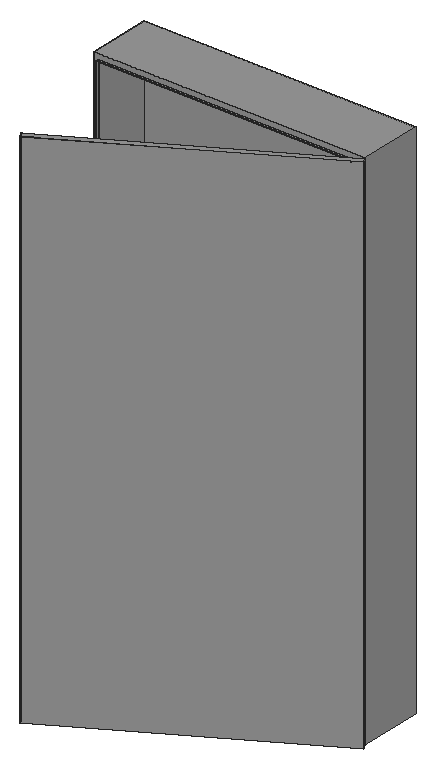
Revit family "Hager-Univers-IP44-D205-H1550-Cl.II-Encl-NoHosted-AT-de", category Equipement électrique, Revit 2020
Family settings
  Configuration du panneau = Deux colonnes, circuits au sein
  Cote de connecteur circulaire = Utiliser le diamètre
  Type d'élément = Tableau de raccordement
  Basée sur le plan de construction = Oui
  Toujours verticalement = Oui
  Couper avec des vides une fois chargée = Non
  Partagée = Non
  Point de calcul de pièce = Non
Parameters (values of type "Aufputz IP44 B800 H1550 T205  - FP03SN2")
  Width Control [instance] = if([EF000008 - Breite] > Min Width, [EF000008 - Breite], Min Width)  # 800 mm
  Commentaires du type = [HG000003 - Bereich]  # "Univers"
  Thickness Door [instance] = if([EF009171 - Materialstärke Tür/Deckel] > 3 mm, 3 mm, [EF009171 - Materialstärke Tür/Deckel])  # 1 mm
  Seal Frame Offset [instance] = 17 mm  # constant formula
  Plinth Visibility [instance] = [HG000027 - Sockelhöhe] > 0 mm  # no
  Min Width [instance] = 100 mm  # constant formula
  Min Depth [instance] = (2 * [EF009170 - Materialstärke Gehäuse]) + 1 mm  # 3 mm
  Min Height [instance] = 100 mm  # constant formula
  Internal Frame Depth [instance] = (Door System Depth * 0.5)  # 9 mm
  Panel Name [instance] = ""  # (empty or 0)
  Model = ""
  HG000027 - Sockelhöhe = 0 mm
  HG000026 - Stehend auf dem Boden = no
  HG000024 - Höhe des unteren Teils = 600 mm
  HG000023 - Gehäuse mit doppeltem Querschnitt = no
  HG000016 - 3D-Türsichtbarkeit [instance] = yes
  HG000015 - Sichtbarkeit der Türöffnung [instance] = no
  HG000014 - Tür rechts [instance] = yes
  HG000013 - Tür links [instance] = not([HG000014 - Tür rechts])  # no
  HG000012 - Türschwenkwinkel [instance] = 30.00°
  HG000010 - Asymmetrische Türen = no
  HG000009 - Doppelflügeligen Tür = no
  HG000006 - Unterputz = no
  HG000004 - Herstellerreferenz = "FP03SN2"
  HG000003 - Bereich = "Univers"
  HG000002 - Mit tür = yes
  Frame Offset Bottom [instance] = 10 mm  # constant formula
  Frame Offset [instance] = 15 mm  # constant formula
  EF015940 - Deckel mit Überdruckentlastung = no
  EF011959 - Schutzart (NEMA) = ""
  EF009554 - Anzahl der Öffnungen für Flanschplatten = 6
  EF009212 - Ausführung Deckel = "EV000116 - geschlossen"
  EF009171 - Materialstärke Tür/Deckel = 1 mm
  EF009170 - Materialstärke Gehäuse = 1 mm
  EF008873 - Nennstrom (In) = 250 A
  EF007800 - Geeignet für Blitzschutz = no
  EF006306 - Mit Schloss = no
  EF006244 - Transparenter Deckel/Tür = no
  EF005474 - Schutzart (IP) = "EV006418 - IP44"
  EF004464 - Art der Tür = "EV002646 - Einzel"
  EF004427 - Anzahl der Module = 360
  EF004293 - Schlagfestigkeit = "EV006815 - IK09"
  EF003532 - Geeignet für Außengebrauch = no
  EF002950 - Breite in Teilungseinheiten = 36
  EF001613 - Funktionserhalt = "EV000494 - ohne"
  EF001596 - Werkstoff des Gehäuses = "EV000179 - Stahl"
  EF001131 - Innentiefe = 143 mm
  EF001088 - Anbaumöglichkeit = yes
  EF000437 - Anzahl der Leitungseinführungen = 6
  EF000339 - Art der Abdeckung = "EV001012 - Deckel"
  EF000266 - Anzahl der Reihen = 10
  EF000218 - Einbautiefe = 205 mm
  EF000118 - Mit Montageplatte = no
  EF000116 - RAL-Nummer = "9010"
  EF000049 - Tiefe = 205 mm
  EF000040 - Höhe = 1550 mm
  EF000008 - Breite = 800 mm
  EF000007 - Farbe = "EV000202 - weiß"
  EF000003 - Montageart = "EV000384 - Aufputz"
  Door System Leaf Tolerance [instance] = 1.5 mm  # constant formula
  Door System Depth [instance] = 18 mm  # constant formula
  Door Height [instance] = Height Control - [HG000027 - Sockelhöhe]  # 1550 mm
  Description = ""
  Default Elevation = 1219.2 mm
  Connector Offset [instance] = Height Control / 2  # 775 mm
  Fabricant = "Hager"  # constant formula
  Height Control [instance] = if([EF000040 - Höhe] > Min Height, [EF000040 - Höhe], Min Height)  # 1550 mm
  Depth Control [instance] = if([EF000049 - Tiefe] > Min Depth, [EF000049 - Tiefe], Min Depth)  # 205 mm
  Bottom Top Plate Trim [instance] = 1.5 mm  # constant formula
  Plinth height Ctrl [instance] = if([HG000027 - Sockelhöhe] > 0 mm, [HG000027 - Sockelhöhe], 12 mm)  # 12 mm
Types (5, lengths in mm): name | Width Control | HG000009 - Doppelflügeligen Tür | HG000004 - Herstellerreferenz | EF009554 - Anzahl der Öffnungen für Flanschplatten | EF008873 - Nennstrom (In) | EF004464 - Art der Tür | EF004427 - Anzahl der Module | EF002950 - Breite in Teilungseinheiten | EF001131 - Innentiefe | EF000437 - Anzahl der Leitungseinführungen | EF000008 - Breite
  Aufputz IP44 B1050 H1550 T205  - FP04SN2 | 1050 | yes | "FP04SN2" | 8 | 400 A | "EV003602 - Doppel" | 480 | 48 | 143 | 8 | 1050
  Aufputz IP44 B1300 H1550 T205  - FP05SN2 | 1300 | yes | "FP05SN2" | 10 | 400 A | "EV003602 - Doppel" | 600 | 60 | 143 | 10 | 1300
  Aufputz IP44 B300 H1550 T205  - FP01SN2 | 300 | no | "FP01SN2" | 2 | 250 A | "EV002646 - Einzel" | 120 | 12 | 130 | 2 | 300
  Aufputz IP44 B550 H1550 T205  - FP02SN2 | 550 | no | "FP02SN2" | 4 | 250 A | "EV002646 - Einzel" | 240 | 24 | 143 | 4 | 550
  Aufputz IP44 B800 H1550 T205  - FP03SN2 | 800 | no | "FP03SN2" | 6 | 250 A | "EV002646 - Einzel" | 360 | 36 | 143 | 6 | 800
Reference planes
  plane 1 "Center (Front/Back)": y = 0
  plane 2: z = 0
  plane 3 "Center (Left/Right)": x = 0
  plane 4: y = 0
  plane 5: y = 0
  plane 6: z = 0
  plane 7: x = -400
  plane 8: x = 400
  plane 9: x = 399
  plane 10: x = -399
  plane 11: z = 0
  plane 12: z = 1
  plane 13: y = -205
  plane 14: y = -1
  plane 15: x = 0
  plane 16: y = -187
  plane 17: y = -204
  plane 18: y = -186
  plane 19: x = -384
  plane 20: x = 384
  plane 21: z = 11
  plane 22: x = -383
  plane 23: x = 383
  plane 24: z = 0
  plane 25: z = 1550
  plane 26: z = 1550
  plane 27: z = 1534
  plane 28: z = 1549
Forms (mm)
  Extrusion 1, solid, material "Hager_Steel_RAL7035_Light_Grey", detail levels medium+fine
    sketch origin (-208.679, -4572, 0) x (-1, 0, 0) y (0, -1, 0)
      loop
        line (191.321, -4385) -> (-608.679, -4385) -> (-608.679, -4572) -> (191.321, -4572) -> (191.321, -4385)
    from 0 to 1550
  Extrusion 2, void
    sketch origin (-350.771, -205, 1219.2) x (1, 0, 0) y (0, 0, 1)
      loop
        line (-48.229, 329.8) -> (-48.229, -1218.2) -> (749.771, -1218.2) -> (749.771, 329.8) -> (-48.229, 329.8)
    from -19 to -204
  Extrusion 3, void
    sketch origin (-290.084, -187, 1219.2) x (1, 0, 0) y (0, 0, 1)
      loop
        line (-93.916, -1208.2) -> (674.084, -1208.2) -> (674.084, 314.8) -> (-93.916, 314.8) -> (-93.916, -1208.2)
    from 0 to -1
  Extrusion 4, solid, material "Hager_Steel_RAL7035_Light_Grey", visible <- "Plinth Visibility", detail levels medium+fine
    sketch origin (0, 0, 0) x (1, 0, 0) y (0, 1, 0)
      loop
        line (-400, 0) -> (-400, -187) -> (400, -187) -> (400, 0) -> (-400, 0)
    from 0 to 12 <- "Plinth height Ctrl"
  Extrusion 5, solid, material "Hager_Steel_RAL7035_Light_Grey", detail levels coarse
    sketch origin (0, 0, 0) x (1, 0, 0) y (0, 1, 0)
      loop
        line (-400, 0) -> (-400, -205) -> (400, -205) -> (400, 0) -> (-400, 0)
    from 0 to 1550 <- "Height Control"
  Sweep 6, void
    path in 3D
      loop
        line (-400, -187, 12) -> (400, -187, 12) -> (400, 0, 12) -> (-400, 0, 12) -> (-400, -187, 12)
    profile origin (-400, -93.5, 12) x (1, 0, 0) y (0, 0, 1)
      loop
        line (0, 0) -> (0, -1.5) -> (1.5, -1.5)
        arc (1.5, -1.5) -> (1.061, -0.439) -> (0, 0) r 1.5
  Extrusion 7, solid, material "Hager_Steel_RAL7035_Light_Grey", detail levels fine
    sketch origin (-400, -187, 0) x (1, 0, 0) y (0, 0, 1)
      loop
        line (16, 11) -> (784, 11) -> (784, 1534) -> (16, 1534) -> (16, 11)
      loop
        line (15, 10) -> (785, 10) -> (785, 1535) -> (15, 1535) -> (15, 10)
    from 0 to 9 <- "Internal Frame Depth"
Cuts and joins
  Extrusion 2, Extrusion 3 cuts Extrusion 1
  Sweep 6 cuts Extrusion 4
Lines and regions (mm)
  Masking region 1
    outline origin (0, 0, 0) x (1, 0, 0) y (0, 1, 0)
      loop
        line (-400, 0) -> (-400, -205) -> (400, -205) -> (400, 0) -> (-400, 0)
  Masking region 2, detail levels coarse
    outline origin (-290.084, -187, 1219.2) x (-1, 0, 0) y (0, 0, 1)
      loop
        line (-690.084, -1219.2) -> (109.916, -1219.2) -> (109.916, 330.8) -> (-690.084, 330.8) -> (-690.084, -1219.2)
  Masking region 3, detail levels coarse
    outline origin (0, 0, 0) x (0, 1, 0) y (0, 0, 1)
      loop
        line (0, 0) -> (0, 1550) -> (-205, 1550) -> (-205, 0) -> (0, 0)
  Masking region 4, visible <- "Plinth Visibility", detail levels medium+fine
    outline origin (0, 0, 0) x (0, 1, 0) y (0, 0, 1)
      loop
        line (-1.5, 12) -> (-185.5, 12)
        arc (-185.5, 12) -> (-185.939, 10.939) -> (-187, 10.5) r 1.5
        line (-187, 10.5) -> (-187, 0) -> (0, 0) -> (0, 10.5)
        arc (0, 10.5) -> (-1.061, 10.939) -> (-1.5, 12) r 1.5
  Masking region 5, detail levels medium+fine
    outline origin (0, 0, 594.038) x (0, 1, 0) y (0, 0, 1)
      loop
        line (0, -594.038) -> (0, 955.962) -> (-187, 955.962) -> (-187, -594.038) -> (0, -594.038)
  Masking region 6, detail levels medium+fine
    outline origin (-359.7, -187, 1211.883) x (-1, 0, 0) y (0, 0, 1)
      loop
        line (-759.7, -1211.883) -> (40.3, -1211.883) -> (40.3, 338.117) -> (-759.7, 338.117) -> (-759.7, -1211.883)
  Masking region 7, visible <- "Plinth Visibility", detail levels medium+fine
    outline origin (-320.334, -187, 1041.368) x (-1, 0, 0) y (0, 0, 1)
      loop
        line (-720.334, -1041.368) -> (79.666, -1041.368) -> (79.666, -1030.868)
        arc (79.666, -1030.868) -> (78.606, -1030.429) -> (78.166, -1029.368) r 1.5
        line (78.166, -1029.368) -> (-718.834, -1029.368)
        arc (-718.834, -1029.368) -> (-719.273, -1030.429) -> (-720.334, -1030.868) r 1.5
        line (-720.334, -1030.868) -> (-720.334, -1041.368)
  sketch lines
    curve 1: line (-400, 0, 12) -> (-400, -187, 12)
    curve 2: line (-400, -187, 12) -> (400, -187, 12)
    curve 3: line (400, 0, 12) -> (-400, 0, 12)
    curve 4: line (400, -187, 12) -> (400, 0, 12)
Dimensions and locks
  locked: plane 1 "Center (Front/Back)" to plane 5
  "EF009170 - Materialstärke Gehäuse": plane 7 to plane 10
  "EF009170 - Materialstärke Gehäuse": plane 8 to plane 9
  equal spacing: plane 7, plane 3 "Center (Left/Right)", plane 8
  "Width Control": plane 7 to plane 8
  "Depth Control": plane 4 to plane 13
  "EF009170 - Materialstärke Gehäuse": plane 4 to plane 14
  "Height Control": plane 25 to level
  "HG000027 - Sockelhöhe": plane 11 to level
  "EF009170 - Materialstärke Gehäuse": plane 12 to plane 11
  "EF009170 - Materialstärke Gehäuse": plane 17 to plane 13
  "EF009170 - Materialstärke Gehäuse": plane 18 to plane 16
  "Frame Offset Bottom": plane 21 to plane 12
  "Frame Offset": plane 10 to plane 19
  "Frame Offset": plane 9 to plane 20
  "Door System Depth": plane 16 to plane 13
  "Seal Frame Offset": plane 7 to plane 22
  "Seal Frame Offset": plane 8 to plane 23
  "EF009170 - Materialstärke Gehäuse": plane 26 to plane 28
  "Frame Offset": plane 28 to plane 27
  "Connector Offset": plane 2 to connector elem
  "Bottom Top Plate Trim": profile plane to Sweep 6 sketch curve
  "Bottom Top Plate Trim": Sweep 6 sketch curve to Sweep 6 sketch curve
  "Plinth height Ctrl": Masking region 4 sketch curve to level
  "Plinth height Ctrl": Masking region 7 sketch curve to level
  "Thickness Door": Extrusion 7 sketch curve to Extrusion 7 sketch curve  (x4)
  "Bottom Top Plate Trim": radius of Sweep 6 sketch curve
  "Bottom Top Plate Trim": radius of Masking region 4 sketch curve  (x2)
  "Bottom Top Plate Trim": radius of Masking region 7 sketch curve  (x2)
  aligned and locked: Extrusion 2 sketch curve to plane 12
  aligned and locked: Extrusion 2 sketch curve to plane 9
  aligned and locked: Extrusion 2 sketch curve to plane 10
  aligned and locked: Extrusion 2 to plane 14
  aligned and locked: Extrusion 1 sketch curve to plane 4
  aligned and locked: plane 8 to Extrusion 1 sketch curve
  aligned and locked: plane 7 to Extrusion 1 sketch curve
  aligned and locked: Extrusion 2 to plane 18
  aligned and locked: Extrusion 3 sketch curve to plane 19
  aligned and locked: plane 20 to Extrusion 3 sketch curve
  aligned and locked: Extrusion 3 to Extrusion 2
  aligned and locked: Extrusion 3 sketch curve to plane 21
  aligned and locked: plane 3 "Center (Left/Right)" to nested 1
  aligned and locked: Extrusion 1 sketch curve to plane 16
  aligned and locked: Extrusion 4 sketch curve to cut or joined group of Extrusion 1, Extrusion 2, Extrusion 3
  aligned and locked: Masking region 1 sketch curve to plane 7
  aligned and locked: Masking region 1 sketch curve to plane 5
  aligned and locked: Masking region 1 sketch curve to plane 8
  aligned and locked: Masking region 2 sketch curve to level
  aligned and locked: level to Masking region 3 sketch curve
  aligned and locked: plane 1 "Center (Front/Back)" to Masking region 3 sketch curve
  aligned and locked: plane 13 to Masking region 3 sketch curve
  aligned and locked: plane 5 to Masking region 4 sketch curve
  aligned and locked: Masking region 2 sketch curve to plane 8
  aligned and locked: Masking region 2 sketch curve to plane 7
  aligned and locked: plane 7 to nested 2
  aligned and locked: nested 2 to plane 5
  aligned and locked: plane 5 to Masking region 5 sketch curve
  aligned and locked: plane 26 to Masking region 5 sketch curve
  aligned and locked: Extrusion 5 sketch curve to plane 8
  aligned and locked: Extrusion 5 sketch curve to plane 7
  aligned and locked: Extrusion 5 sketch curve to plane 5
  aligned and locked: Extrusion 3 sketch curve to plane 27
  aligned and locked: Extrusion 2 sketch curve to plane 28
  aligned and locked: Masking region 2 to plane 25
  aligned and locked: Extrusion 4 to plane 16
  aligned and locked: profile plane to Sweep 6 sketch curve
  aligned and locked: Masking region 5 sketch curve to plane 24
  aligned and locked: level to Masking region 4 sketch curve
  aligned and locked: Masking region 1 to plane 13
  aligned and locked: nested 1 to plane 16
  aligned and locked: Masking region 3 to plane 25
  aligned and locked: plane 16 to Masking region 4 sketch curve
  aligned and locked: Masking region 5 sketch curve to plane 16
  aligned and locked: plane 24 to plane 11
  aligned and locked: plane 26 to plane 25
  aligned and locked: plane 26 to cut or joined group of Extrusion 1, Extrusion 2, Extrusion 3
  aligned and locked: nested 1 to plane 24
  aligned and locked: Extrusion 1 to Extrusion 3
  aligned and locked: Masking region 6 sketch curve to plane 8
  aligned and locked: Masking region 6 sketch curve to plane 24
  aligned and locked: Masking region 6 sketch curve to plane 7
  aligned and locked: Masking region 6 sketch curve to plane 26
  aligned and locked: Masking region 7 sketch curve to plane 7
  aligned and locked: level to Masking region 7 sketch curve
  aligned and locked: Masking region 7 sketch curve to plane 8
  aligned and locked: Extrusion 7 sketch curve to cut or joined group of Extrusion 1, Extrusion 2, Extrusion 3  (x4)
Automatic sketch dimensions
  plane 19 to Extrusion 3 sketch curve = 0 mm
  Extrusion 3 sketch curve to plane 20 = 0 mm
  Extrusion 3 sketch curve to plane 21 = 0 mm
  Extrusion 4 sketch curve to plane 7 = 0 mm
  Extrusion 4 sketch curve to plane 8 = 0 mm
  Extrusion 4 sketch curve to plane 16 = 0 mm
  Masking region 1 sketch curve to plane 13 = 0 mm
  Masking region 2 sketch curve to plane 25 = 0 mm
  Masking region 3 sketch curve to plane 25 = 0 mm
  Extrusion 5 sketch curve to plane 13 = 0 mm
  profile plane to Sweep 6 sketch curve = 0 mm
Nested families
  nested 1: "EC000058_Univers_Door" at (0, -187, 0), Double <- "HG000009 - Doppelflügeligen Tür", Transparent <- "EF006244 - Transparenter Deckel/Tür", Angle <- "HG000012 - Türschwenkwinkel", Door_Right <- "HG000014 - Tür rechts", Assymetrical <- "HG000010 - Asymmetrische Türen", Door <- "HG000002 - Mit tür", Width_Ctrl <- "Width Control", 3d_Door <- "HG000016 - 3D-Türsichtbarkeit", Clearance <- "HG000015 - Sichtbarkeit der Türöffnung", Door_Left <- "HG000013 - Tür links", Width <- "Width Control", Door_Depth <- "Door System Depth", Leaf_Tolerance <- "Door System Leaf Tolerance", Height <- "Door Height", Lock_Visibility <- "EF006306 - Mit Schloss", Thickness <- "Thickness Door", type "EC000058_Univers_Door", detail levels medium+fine
    with min_wh 3 mm, Width_Ctrl 800 mm, Width 800 mm, Transparent no, Thickness 1 mm, Seal_Material Hager_Rubber, Lock_Visibility no, Lock_Material Hager_Plastic_RAL9005_Jet_Black, Leaf_Width 800 mm, Leaf_Tolerance_External_Sides 0 mm, Leaf_Tolerance 1.5 mm, Leaf_Offset 0 mm, Leaf_Height 1547 mm, Leaf_2_Width 800 mm, Leaf_2_Offset 400 mm, Leaf_1_Width 800 mm, Leaf_1_Offset 400 mm, Height_Ctrl 1550 mm, Height 1550 mm, Glass_Material Hager_Glass, Double_Clearance_Ctrl no, Double no, Door_Right_Ctrl yes, Door_Right yes, Door_Material Hager_Steel_RAL7035_Light_Grey, Door_Left_Ctrl no, Door_Left no, Door_Depth 18 mm, Door yes, Clearance_Material Hager_Clearance, Clearance_Depth 800 mm, Clearance_Ctrl no, Clearance no, Assymetrical no, Angle 30.00°, 3d_Door yes
  nested 2: "Hager_Enclosure_Symbol" at (-400, 0, 0), Height <- "Depth Control", Width <- "Width Control", type "Hager_Enclosure_Symbol"
    with Width_Ctrl 800 mm, Width 800 mm, Height_Ctrl 205 mm, Height 205 mm, A_Width_Int 13.453 mm, A_Width 161.438 mm, A_Height_Ctrl 179.375 mm, A_Height 179.375 mm
Connectors
  electrical at (0, 0, 775)
    settings: on plane 1 "Center (Front/Back)", index 1, voltage 0 V, apparent load 0 VA, apparent load phase1 0 VA, apparent load phase2 0 VA, apparent load phase3 0 VA, power factor 1, load classification "Other", number of poles 1, system type 30, power factor state 1, is connector primary yes, connector utility no, sub classification motor no, connector description ""
Definition of nested family "EC000058_Univers_Door"
  Parameters (values of type "EC000058_Univers_Door")
    min_wh [instance] = (2 * Thickness) + 1 mm  # 11 mm
    Width_Ctrl [instance] = 400 mm
    Width [instance] = 500 mm
    Transparent [instance] = yes
    Thickness [instance] = 5 mm
    Seal_Material [instance] = none
    Lock_Visibility [instance] = yes
    Lock_Material [instance] = none
    Leaf_Width [instance] = if((Width_Ctrl - 2 * Leaf_Tolerance_External_Sides) > 0 mm, (Width_Ctrl - 2 * Leaf_Tolerance_External_Sides), min_wh)  # 400 mm
    Leaf_Tolerance_External_Sides [instance] = 0 mm  # constant formula
    Leaf_Tolerance [instance] = 1.5 mm
    Leaf_Offset [instance] = 0 mm  # constant formula
    Leaf_Height [instance] = if((Height_Ctrl - 2 * Leaf_Tolerance) > 0 mm, (Height_Ctrl - 2 * Leaf_Tolerance), min_wh)  # 497 mm
    Leaf_2_Width [instance] = if(and(and(Double, Assymetrical), Door_Left), (Leaf_Width / 3) - (Leaf_Tolerance / 2), if(and(and(Double, Assymetrical), Door_Right), (Leaf_Width / 3) * 2 - (Leaf_Tolerance / 2), if(and(Double, not(Assymetrical)), (Leaf_Width / 2) - Leaf_Tolerance, Leaf_Width)))  # 400 mm
    Leaf_2_Offset [instance] = if(and(Double, Assymetrical), Leaf_2_Width / 2, if(and(Double, not(Assymetrical)), Leaf_Width / 4, Leaf_Width / 2))  # 200 mm
    Leaf_1_Width [instance] = if(and(and(Double, Assymetrical), Door_Right), (Leaf_Width / 3) - (Leaf_Tolerance / 2), if(and(and(Double, Assymetrical), Door_Left), (Width / 3) * 2 - (Leaf_Tolerance / 2), if(and(Double, not(Assymetrical)), (Leaf_Width / 2) - Leaf_Tolerance, Leaf_Width)))  # 400 mm
    Leaf_1_Offset [instance] = if(and(Double, Assymetrical), Leaf_1_Width / 2, if(and(Double, not(Assymetrical)), Leaf_Width / 4, Leaf_Width / 2))  # 200 mm
    Height_Ctrl [instance] = if(Height > min_wh, Height, min_wh)  # 500 mm
    Height [instance] = 500 mm
    Glass_Material [instance] = none
    Double_Clearance_Ctrl [instance] = and(Double, Clearance)  # no
    Double [instance] = no
    Door_Right_Ctrl [instance] = and(or(Door_Right, Double), Door)  # yes
    Door_Right [instance] = yes
    Door_Material [instance] = none
    Door_Left_Ctrl [instance] = and(or(Door_Left, Double), Door)  # no
    Door_Left [instance] = no
    Door_Depth [instance] = 30 mm
    Door [instance] = yes
    Default Elevation = 1219.2 mm
    Clearance_Material [instance] = none
    Clearance_Depth [instance] = if(Leaf_1_Width > Leaf_2_Width, Leaf_1_Width, Leaf_2_Width)  # 400 mm
    Clearance_Ctrl [instance] = and(not(Double), Clearance)  # yes
    Clearance [instance] = yes
    Assymetrical [instance] = yes
    Angle [instance] = 30.00°
    3d_Door [instance] = yes
  Reference planes
    plane 1 "Center (Front/Back)": y = 0
    plane 2 "Bottom": z = 0
    plane 3 "Center (Left/Right)": x = 0
    plane 4: z = 500
    plane 5: x = -200
    plane 6: x = 200
    plane 7: z = 500
    plane 8: x = -200
    plane 9: z = 0
    plane 10: x = 200
    plane 11: y = 0
    plane 12: z = 1.5
    plane 13: x = -600
    plane 14: y = -400
    plane 15: x = 600
    plane 16: x = 0
    plane 17: x = 0
    plane 18: x = -200
    plane 19: x = 200
    plane 20: z = 498.5
  Forms (mm)
    Extrusion 1, solid, material <- "Clearance_Material", visible <- "Double_Clearance_Ctrl"
      sketch origin (1200, 0, 0) x (1, 0, 0) y (0, 0, -1)
        loop
          line (-1800, -498.5) -> (-600, -498.5) -> (-600, 0) -> (-1800, 0) -> (-1800, -498.5)
      from 0 to -400
  Dimensions and locks
    equal spacing: plane 5, plane 3 "Center (Left/Right)", plane 6
    "Width_Ctrl": plane 5 to plane 6
    "Leaf_Offset": plane 5 to plane 8
    "Leaf_Offset": plane 6 to plane 10
    "Leaf_Offset": plane 9 to level
    "Leaf_Offset": plane 4 to plane 7
    "Height_Ctrl": plane 4 to level
    "Leaf_Tolerance": plane 12 to plane 9
    locked: plane 11 to plane 1 "Center (Front/Back)"
    "Leaf_1_Offset": plane 18 to plane 16
    "Leaf_2_Offset": plane 17 to plane 19
    "Leaf_1_Width": plane 13 to plane 8
    "Leaf_2_Width": plane 10 to plane 15
    "Clearance_Depth": plane 14 to plane 1 "Center (Front/Back)"
    "Leaf_Tolerance_External_Sides": plane 8 to plane 18
    "Leaf_Tolerance_External_Sides": plane 19 to plane 10
    "Leaf_Tolerance": plane 7 to plane 20
    aligned and locked: level to plane 2 "Bottom"
    aligned and locked: nested 1 to plane 16
    aligned and locked: nested 2 to plane 17
    aligned and locked: Extrusion 1 to plane 13
    aligned and locked: plane 15 to Extrusion 1
    aligned and locked: Extrusion 1 to plane 14
    aligned and locked: plane 12 to nested 1
    aligned and locked: nested 2 to plane 12
    aligned and locked: Extrusion 1 to plane 11
    aligned and locked: plane 20 to Extrusion 1
    aligned and locked: nested 2 to plane 11
    aligned and locked: nested 1 to plane 11
  Automatic sketch dimensions
    Extrusion 1 sketch curve to level = 0 mm
    plane 5 to Extrusion 1 sketch curve = 400 mm
    plane 6 to Extrusion 1 sketch curve = 400 mm
    Extrusion 1 sketch curve to plane 4 = 1.5 mm
  Nested families
    nested 1: "EC000058_Univers_Door_Leaf" at (0, 0, 1.5), Width <- "Leaf_1_Width", visible <- "Door_Left_Ctrl", Leaf_Height <- "Leaf_Height", Angle <- "Angle", 3d_Door <- "3d_Door", Transparent <- "Transparent", Clearance Material <- "Clearance_Material", Clearance <- "Clearance_Ctrl", Door_Material <- "Door_Material", Glass_Material <- "Glass_Material", Door_Depth <- "Door_Depth", Lock_Material <- "Lock_Material", Seal_Material <- "Seal_Material", Lock_Visibility <- "Lock_Visibility", Thickness <- "Thickness", type "EC000058_Univers_Door_Leaf"
      with Width 400 mm, Transparent_Glass_Offset 30 mm, Transparent_Ctrl yes, Transparent yes, Thickness 5 mm, Standard no, Seal_Material none, Seal_D2 8 mm, Seal_D1 1 mm, Offset_Internal_Frame 10 mm, Lock_Width 20 mm, Lock_Visibility_3d yes, Lock_Visibility yes, Lock_Thickness_3 3 mm, Lock_Thickness_2 1 mm, Lock_Thickness_1 3 mm, Lock_Radius_Offset_2 16 mm, Lock_Radius_Offset_1 15 mm, Lock_Radius_2 5 mm, Lock_Radius 6 mm, Lock_Offset 5 mm, Lock_Material none, Lock_Height 80 mm, Lock_Cover_Top_Offset_2d 17 mm, Lock_Cover_Height -65 mm, Leaf_Height 497 mm, Internal_Seal_Thickness 8 mm, Internal_Seal_Depth_2 4.5 mm, Internal_Frame_Depth 25 mm, Glass_Thickness -1 mm, Glass_Offset -2 mm, Glass_Material none, Door_Material none, Door_Depth 30 mm, Clearance Material none, Clearance yes, Angle_Ctrl 30.00°, Angle 30.00°, 3d_Door yes
    nested 2: "EC000058_Univers_Door_Leaf" at (0, 0, 1.5) x (-1, 0, 0) z (0, 0, 1), Width <- "Leaf_2_Width", visible <- "Door_Right_Ctrl", Leaf_Height <- "Leaf_Height", Angle <- "Angle", 3d_Door <- "3d_Door", Transparent <- "Transparent", Clearance Material <- "Clearance_Material", Clearance <- "Clearance_Ctrl", Door_Material <- "Door_Material", Glass_Material <- "Glass_Material", Door_Depth <- "Door_Depth", Lock_Material <- "Lock_Material", Seal_Material <- "Seal_Material", Lock_Visibility <- "Lock_Visibility", Thickness <- "Thickness", type "EC000058_Univers_Door_Leaf"
      with Width 400 mm, Transparent_Glass_Offset 30 mm, Transparent_Ctrl yes, Transparent yes, Thickness 5 mm, Standard no, Seal_Material none, Seal_D2 8 mm, Seal_D1 1 mm, Offset_Internal_Frame 10 mm, Lock_Width 20 mm, Lock_Visibility_3d yes, Lock_Visibility yes, Lock_Thickness_3 3 mm, Lock_Thickness_2 1 mm, Lock_Thickness_1 3 mm, Lock_Radius_Offset_2 16 mm, Lock_Radius_Offset_1 15 mm, Lock_Radius_2 5 mm, Lock_Radius 6 mm, Lock_Offset 5 mm, Lock_Material none, Lock_Height 80 mm, Lock_Cover_Top_Offset_2d 17 mm, Lock_Cover_Height -65 mm, Leaf_Height 497 mm, Internal_Seal_Thickness 8 mm, Internal_Seal_Depth_2 4.5 mm, Internal_Frame_Depth 25 mm, Glass_Thickness -1 mm, Glass_Offset -2 mm, Glass_Material none, Door_Material none, Door_Depth 30 mm, Clearance Material none, Clearance yes, Angle_Ctrl 30.00°, Angle 30.00°, 3d_Door yes
  Definition of nested family "EC000058_Univers_Door_Leaf"
    Parameters (values of type "EC000058_Univers_Door_Leaf")
      Width [instance] = 2000 mm
      Transparent_Glass_Offset [instance] = 30 mm
      Transparent_Ctrl [instance] = and(Transparent, [3d_Door])  # yes
      Transparent [instance] = yes
      Thickness [instance] = 5 mm
      Standard [instance] = and(not(Transparent), [3d_Door])  # no
      Seal_Material [instance] = none
      Seal_D2 [instance] = 8 mm  # constant formula
      Seal_D1 [instance] = 1 mm  # constant formula
      Offset_Internal_Frame [instance] = 10 mm  # constant formula
      Lock_Width [instance] = 20 mm  # constant formula
      Lock_Visibility_3d [instance] = and(Lock_Visibility, [3d_Door])  # yes
      Lock_Visibility [instance] = yes
      Lock_Thickness_3 [instance] = 3 mm  # constant formula
      Lock_Thickness_2 [instance] = 1 mm  # constant formula
      Lock_Thickness_1 [instance] = 3 mm  # constant formula
      Lock_Radius_Offset_2 [instance] = Lock_Radius_Offset_1 + 1 mm  # 16 mm
      Lock_Radius_Offset_1 [instance] = 15 mm  # constant formula
      Lock_Radius_2 [instance] = Lock_Radius - 1 mm  # 5 mm
      Lock_Radius [instance] = 6 mm  # constant formula
      Lock_Offset [instance] = 5 mm  # constant formula
      Lock_Material [instance] = none
      Lock_Height [instance] = 80 mm  # constant formula
      Lock_Cover_Top_Offset_2d [instance] = Lock_Radius_Offset_2 + 1 mm  # 17 mm
      Lock_Cover_Height [instance] = -(Lock_Height - Lock_Radius_Offset_1)  # -65 mm
      Leaf_Height [instance] = 2720.336 mm
      Internal_Seal_Thickness [instance] = 8 mm  # constant formula
      Internal_Seal_Depth_2 [instance] = 4.5 mm  # constant formula
      Internal_Frame_Depth [instance] = if(Door_Depth - Thickness > 5 mm, Door_Depth - Thickness, 5 mm)  # 25 mm
      Glass_Thickness [instance] = if(Thickness > 15 mm, Glass_Offset + 10 mm, -1 mm)  # -1 mm
      Glass_Offset [instance] = if(Thickness > 15 mm, -(Thickness + 10 mm) / 2, -2 mm)  # -2 mm
      Glass_Material [instance] = none
      Door_Material [instance] = none
      Door_Depth [instance] = 30 mm
      Default Elevation = 0 mm
      Clearance Material [instance] = none
      Clearance [instance] = yes
      Angle_Ctrl [instance] = if(Angle > 180.00°, 180.00°, Angle)  # 90.00°
      Angle [instance] = 90.00°
      3d_Door [instance] = yes
    Reference planes
      plane 1 "Center (Front/Back)": y = 0
      plane 2: z = 0
      plane 3 "Center (Left/Right)": x = 0
      plane 4: y = 2000
      plane 5: x = -1000
      plane 6: x = 1000
      plane 7: x = -3000
      plane 8: z = 2720.336
      plane 9: z = 30
      plane 10: z = 2690.336
      plane 11: x = 970
      plane 12: x = -970
      plane 13: y = -3
      plane 14: z = 107.833
      plane 15: y = -5
      plane 16: y = -223.314
      plane 17: x = -1000
      plane 18: z = 1360.168
      plane 19: y = 30
    Forms (mm)
      Extrusion 1, solid, material <- "Clearance Material", visible <- "Clearance"
        sketch origin (0, 0, 0) x (1, 0, 0) y (0, 0, 1)
          loop
            line (-3000, 2720.336) -> (-3000, 0) -> (1000, 0) -> (1000, 2720.336) -> (-3000, 2720.336)
        from 0 to -2000
      Extrusion 2, solid, material <- "Door_Material", visible <- "Standard", detail levels medium+fine
        sketch origin (-1000, 0, 0) x (0, 1, 0) y (-1, 0, 0)
          loop
            line (0, 30) -> (0, 25) -> (2000, 25) -> (2000, 30) -> (0, 30)
        from 0 to 2720.336 <- "Leaf_Height"
      Extrusion 3, solid, material <- "Door_Material", visible <- "Transparent_Ctrl", detail levels medium+fine
        sketch origin (-1000, 0, 0) x (0, 1, 0) y (-1, 0, 0)
          loop
            line (0, 25) -> (2000, 25) -> (2000, 30) -> (0, 30) -> (0, 25)
        from 0 to 2720.336 <- "Leaf_Height"
      Extrusion 4, void
        sketch origin (-1025, 2000, 0) x (0, 1, 0) y (0, 0, -1)
          loop
            line (-30, -2690.336) -> (-30, -30) -> (-1970, -30) -> (-1970, -2690.336) -> (-30, -2690.336)
        from 0 to 5 <- "Thickness"
      Sweep 5, solid, material <- "Seal_Material", visible <- "Transparent_Ctrl", detail levels fine
        path in 3D
          loop
            line (-1025, 30, 30) -> (-1025, 30, 2690.336) -> (-1025, 1970, 2690.336) -> (-1025, 1970, 30) -> (-1025, 30, 30)
        profile origin (-1025, 1000, 30) x (1, 0, 0) y (0, 0, 1)
          loop
            line (0, 0) -> (0, -8) -> (1, -8) -> (1, 0) -> (0, 0)
      Extrusion 6, solid, material <- "Glass_Material", visible <- "Transparent_Ctrl", detail levels medium+fine
        sketch origin (-1030, 0, 0) x (0, 1, 0) y (0, 0, -1)
          loop
            line (1970, -2690.336) -> (1970, -30) -> (30, -30) -> (30, -2690.336) -> (1970, -2690.336)
        from -2 <- "Glass_Offset" to -1 <- "Glass_Thickness"
      Extrusion 7, solid, material <- "Door_Material", visible <- "3d_Door", detail levels medium+fine
        sketch origin (-1025, 2000, 0) x (0, -1, 0) y (0, 0, -1)
          loop
            line (0, -2720.336) -> (2000, -2720.336) -> (2000, 0) -> (0, 0) -> (0, -2720.336)
          loop
            line (1995, -5) -> (5, -5) -> (5, -2715.336) -> (1995, -2715.336) -> (1995, -5)
        from 0 to 25 <- "Internal_Frame_Depth"
      Sweep 8, solid, material <- "Seal_Material", visible <- "Transparent_Ctrl", detail levels fine
        path in 3D
          loop
            line (-1025, 0, 0) -> (-1025, 2000, 0) -> (-1025, 2000, 2720.336) -> (-1025, 0, 2720.336) -> (-1025, 0, 0)
        profile origin (-1025, 0, 1360.168) x (1, 0, 0) y (0, 1, 0)
          loop
            line (0, 10) -> (2.975, 10)
            arc (2.975, 10) -> (4.053, 10.447) -> (4.5, 11.525) r 1.525
            line (4.5, 11.525) -> (4.5, 16.527)
            arc (4.5, 16.527) -> (4.069, 17.569) -> (3.027, 18) r 1.473
            line (3.027, 18) -> (0, 18) -> (0, 10)
      Extrusion 9, solid, material <- "Lock_Material", visible <- "Lock_Visibility_3d", detail levels fine
        sketch origin (-1030, 0, 0) x (0, 1, 0) y (0, 0, -1)
          loop
            arc (1993.5, -1400.168) -> (1994.561, -1399.729) -> (1995, -1398.668) r 1.5
            line (1995, -1398.668) -> (1995, -1320.168) -> (1975, -1320.168) -> (1975, -1398.668)
            arc (1975, -1398.668) -> (1975.439, -1399.729) -> (1976.5, -1400.168) r 1.5
            line (1976.5, -1400.168) -> (1993.5, -1400.168)
        from 3 <- "Lock_Thickness_1" to 0
      Blend 10, solid, material <- "Lock_Material", visible <- "Lock_Visibility_3d", detail levels fine
        base sketch origin (-1033, 0, 0) x (0, 1, 0) y (0, 0, -1)
          loop
            line (1975, -1320.168) -> (1975, -1398.668)
            arc (1975, -1398.668) -> (1975.439, -1399.729) -> (1976.5, -1400.168) r 1.5
            line (1976.5, -1400.168) -> (1993.5, -1400.168)
            arc (1993.5, -1400.168) -> (1994.561, -1399.729) -> (1995, -1398.668) r 1.5
            line (1995, -1398.668) -> (1995, -1320.168) -> (1975, -1320.168)
        top sketch origin (-1033, 0, 0) x (0, 1, 0) y (0, 0, -1)
          loop
            line (1976, -1320.168) -> (1976, -1398.668)
            arc (1976, -1398.668) -> (1976.146, -1399.022) -> (1976.5, -1399.168) r 0.5
            line (1976.5, -1399.168) -> (1993.5, -1399.168)
            arc (1993.5, -1399.168) -> (1993.854, -1399.022) -> (1994, -1398.668) r 0.5
            line (1994, -1398.668) -> (1994, -1320.168) -> (1976, -1320.168)
        from 0 to 1 <- "Lock_Thickness_2"
      Blend 11, solid, material <- "Lock_Material", visible <- "Lock_Visibility_3d", detail levels fine
        base sketch origin (-1034, 0, 0) x (0, 1, 0) y (0, 0, -1)
          loop
            line (1978, -1320.168) -> (1978, -1384.168)
            arc (1978, -1384.168) -> (1985, -1391.168) -> (1992, -1384.168) r 7
            line (1992, -1384.168) -> (1992, -1320.168) -> (1978, -1320.168)
        top sketch origin (-1034, 0, 0) x (0, 1, 0) y (0, 0, -1)
          loop
            line (1991, -1320.168) -> (1979, -1320.168) -> (1979, -1383.168)
            arc (1979, -1383.168) -> (1985, -1389.168) -> (1991, -1383.168) r 6
            line (1991, -1383.168) -> (1991, -1320.168)
        from 0 to 3 <- "Lock_Thickness_3"
      Extrusion 12, solid, material <- "Lock_Material", visible <- "Lock_Visibility_3d", detail levels fine
        sketch origin (-1030, 1975, 1320.168) x (1, 0, 0) y (0, -1, 0)
          loop
            line (-7, -19) -> (-7, -1) -> (0, -1) -> (0, 0) -> (-8, 0) -> (-8, -20) -> (0, -20) -> (0, -19) -> (-7, -19)
        from 0 to -65 <- "Lock_Cover_Height"
      Extrusion 13, void
        sketch origin (-1038, 1995, 1320.168) x (-1, 0, 0) y (0, 0, -1)
          loop
            line (-5, -65) -> (0, -65) -> (-5, -60) -> (-5, -65)
        from 0 to 20 <- "Lock_Width"
      Extrusion 14, void
        sketch origin (-1038, 1975, 1320.168) x (0, -1, 0) y (0, 0, -1)
          loop
            circle (-10, -15.995) r 6
          loop
            circle (-10, -15.995) r 5
        from 0 to 2
      Extrusion 15, solid, material <- "Lock_Material", visible <- "Lock_Visibility_3d", detail levels medium
        sketch origin (-1030, 0, 0) x (0, 1, 0) y (0, 0, -1)
          loop
            arc (1993.5, -1400.168) -> (1994.561, -1399.729) -> (1995, -1398.668) r 1.5
            line (1995, -1398.668) -> (1995, -1320.168) -> (1975, -1320.168) -> (1975, -1398.668)
            arc (1975, -1398.668) -> (1975.439, -1399.729) -> (1976.5, -1400.168) r 1.5
            line (1976.5, -1400.168) -> (1993.5, -1400.168)
        from 8 to 0
    Cuts and joins
      Extrusion 4 cuts Extrusion 3
      Extrusion 13, Extrusion 14 cuts Extrusion 9
      Extrusion 14 cuts Blend 11
      Extrusion 13, Extrusion 14 cuts Extrusion 12
      joined: Extrusion 9, Blend 10, Blend 11, Extrusion 12
      Extrusion 14 cuts Extrusion 15
    Lines and regions (mm)
      Masking region 1, visible <- "Lock_Visibility", detail levels fine
        outline origin (0, 0, 0) x (0, 1, 0) y (0, 0, 1)
          loop
            line (30, 1320.168) -> (33, 1320.168) -> (33, 1400.168) -> (30, 1400.168) -> (30, 1320.168)
      Masking region 2, visible <- "Lock_Visibility", detail levels fine
        outline origin (0, 3.143, 0) x (0, 1, 0) y (0, 0, 1)
          loop
            line (29.857, 1354.168) -> (30.857, 1354.168) -> (30.857, 1366.168) -> (29.857, 1366.168) -> (29.857, 1354.168)
      Masking region 3, detail levels medium+fine
        outline origin (0, 0, 0) x (0, 1, 0) y (0, 0, 1)
          loop
            line (0, 0) -> (30, 0) -> (30, 2720.336) -> (0, 2720.336) -> (0, 0)
      Masking region 4, detail levels medium+fine
        outline origin (0, 0, 0) x (1, 0, 0) y (0, 0, 1)
          loop
            line (-1000, 2720.336) -> (-1000, 0) -> (1000, 0) -> (1000, 2720.336) -> (-1000, 2720.336)
      Masking region 5, visible <- "Lock_Visibility", detail levels fine
        outline origin (-47.116, 0, 0) x (1, 0, 0) y (0, 0, 1)
          loop
            arc (1024.616, 1399.168) -> (1023.556, 1398.729) -> (1023.116, 1397.668) r 1.5
            line (1023.116, 1397.668) -> (1023.116, 1320.168) -> (1041.116, 1320.168) -> (1041.116, 1397.668)
            arc (1041.116, 1397.668) -> (1040.677, 1398.729) -> (1039.616, 1399.168) r 1.5
            line (1039.616, 1399.168) -> (1024.616, 1399.168)
      Masking region 6, visible <- "Lock_Visibility", detail levels medium+fine
        outline origin (-25, 0, 0) x (1, 0, 0) y (0, 0, 1)
          loop
            arc (1001.5, 1400.168) -> (1000.439, 1399.729) -> (1000, 1398.668) r 1.5
            line (1000, 1398.668) -> (1000, 1320.168) -> (1020, 1320.168) -> (1020, 1398.668)
            arc (1020, 1398.668) -> (1019.561, 1399.729) -> (1018.5, 1400.168) r 1.5
            line (1018.5, 1400.168) -> (1001.5, 1400.168)
      Masking region 7, visible <- "Lock_Visibility", detail levels fine
        outline origin (-73.735, 0, 0) x (1, 0, 0) y (0, 0, 1)
          loop
            line (1051.735, 1382.168) -> (1065.735, 1382.168) -> (1065.735, 1384.168)
            arc (1065.735, 1384.168) -> (1058.735, 1391.168) -> (1051.735, 1384.168) r 7
            line (1051.735, 1384.168) -> (1051.735, 1382.168)
      Masking region 8, visible <- "Lock_Visibility", detail levels fine
        outline origin (-73.735, 0, 0) x (1, 0, 0) y (0, 0, 1)
          loop
            line (1052.735, 1382.168) -> (1064.735, 1382.168) -> (1064.735, 1383.168)
            arc (1064.735, 1383.168) -> (1058.735, 1389.168) -> (1052.735, 1383.168) r 6
            line (1052.735, 1383.168) -> (1052.735, 1382.168)
      Masking region 9, visible <- "Lock_Visibility", detail levels fine
        outline origin (-25, 0, 0) x (1, 0, 0) y (0, 0, 1)
          loop
            line (1020, 1320.168) -> (1020, 1382.168) -> (1000, 1382.168) -> (1000, 1320.168) -> (1020, 1320.168)
      Masking region 10, detail levels medium+fine
        outline origin (0, 0, 0) x (1, 0, 0) y (0, 0, 1)
          loop
            circle (985, 1335.144) r 6
      Masking region 11, detail levels fine
        outline origin (0, 0, 0) x (1, 0, 0) y (0, 0, 1)
          loop
            circle (985, 1335.144) r 5
      Masking region 12, visible <- "Lock_Visibility", detail levels fine
        outline origin (0, 12.767, 0) x (0, 1, 0) y (0, 0, 1)
          loop
            line (20.233, 1320.168) -> (21.233, 1320.168) -> (21.233, 1399.168) -> (20.233, 1400.168) -> (20.233, 1320.168)
      Masking region 13, visible <- "Lock_Visibility", detail levels fine
        outline origin (0, 13.767, -10) x (0, 1, 0) y (0, 0, 1)
          loop
            line (20.233, 1330.168) -> (23.233, 1330.168) -> (23.233, 1399.168) -> (20.233, 1402.168) -> (20.233, 1330.168)
      Masking region 14, visible <- "Lock_Visibility", detail levels fine
        outline origin (0, 12.767, -10) x (0, 1, 0) y (0, 0, 1)
          loop
            line (20.233, 1330.168) -> (25.233, 1330.168) -> (25.233, 1399.305) -> (20.233, 1394.305) -> (20.233, 1330.168)
      Masking region 15, visible <- "Lock_Visibility", detail levels medium
        outline origin (0, 0, 0) x (0, 1, 0) y (0, 0, 1)
          loop
            line (30, 1320.168) -> (38, 1320.168) -> (38, 1400.168) -> (30, 1400.168) -> (30, 1320.168)
      Masking region 16, visible <- "Lock_Visibility", detail levels fine
        outline origin (-1000, 0, 0) x (0, 1, 0) y (-1, 0, 0)
          loop
            line (1975, 30) -> (1995, 30) -> (1995, 38) -> (1975, 38) -> (1975, 30)
          loop
            line (1979, 37) -> (1976, 37) -> (1976, 34) -> (1978, 34) -> (1979, 37)
          loop
            line (1994, 37) -> (1991, 37) -> (1992, 34) -> (1994, 34) -> (1994, 37)
      Masking region 17, visible <- "Lock_Visibility", detail levels medium
        outline origin (-1000, 0, 0) x (0, 1, 0) y (-1, 0, 0)
          loop
            line (1975, 30) -> (1995, 30) -> (1995, 38) -> (1975, 38) -> (1975, 30)
      symbolic lines
        curve 1: line (1000, 0, 0) -> (-3000, 0, 0)
        curve 2: arc (1000, 0, 0) -> (-1000, 2000, 0) -> (-3000, 0, 0) r 2000
        curve 4: line (-1030, 0, 0) -> (-1030, 2000, 0)
      reference lines
        curve 3: line (-1000, 0, 0) -> (-1000, 2000, 0)
      symbolic lines, detail levels medium+fine
        curve 5: line (-1030, 2000, 0) -> (-1025, 2000, 0)
        curve 7: line (-1025, 0, 0) -> (-1030, 0, 0)
        curve 8: line (-1025, 0, 0) -> (-1000, 0, 0)
        curve 9: line (-1000, 0, 0) -> (-1000, 2000, 0)
        curve 10: line (-1000, 2000, 0) -> (-1025, 2000, 0)
      symbolic lines, detail levels fine
        curve 6: line (-1025, 2000, 0) -> (-1025, 0, 0)
      sketch lines
        curve 11: line (-1025, 0, 2720.336) -> (-1025, 0, 0)
        curve 12: line (-1025, 2000, 0) -> (-1025, 0, 0)
        curve 13: line (-1025, 2000, 2720.336) -> (-1025, 2000, 0)
        curve 14: line (-1025, 0, 2720.336) -> (-1025, 2000, 2720.336)
        curve 15: line (-1025, 1970, 30) -> (-1025, 30, 30)
        curve 16: line (-1025, 30, 30) -> (-1025, 30, 2690.336)
        curve 17: line (-1025, 1970, 2690.336) -> (-1025, 1970, 30)
        curve 18: line (-1025, 30, 2690.336) -> (-1025, 1970, 2690.336)
      symbolic lines, visible <- "Transparent", detail levels medium+fine
        curve 19: line (-970, 0, 2690.336) -> (970, 0, 2690.336)
        curve 20: line (-970, 0, 30) -> (-970, 0, 2690.336)
        curve 21: line (970, 0, 30) -> (-970, 0, 30)
        curve 22: line (970, 0, 2690.336) -> (970, 0, 30)
    Dimensions and locks
      "Width": plane 1 "Center (Front/Back)" to plane 4
      equal spacing: plane 5, plane 3 "Center (Left/Right)", plane 6
      "Width": plane 5 to plane 6
      "Width": plane 7 to plane 5
      "Leaf_Height": plane 8 to level
      "Width": curve 5 to curve 3
      "Width": curve 3 to curve 3
      plane 8 to plane 10 = 30 mm
      plane 9 to level = 30 mm
      plane 12 to plane 5 = 30 mm
      plane 6 to plane 11 = 30 mm
      Extrusion 1 to Extrusion 4 sketch curve = 30 mm
      "Transparent_Glass_Offset": curve 3 to Extrusion 4 sketch curve
      "Transparent_Glass_Offset": Extrusion 4 sketch curve to cut or joined group of Extrusion 3, Extrusion 4  (x2)
      cut or joined group of Extrusion 3, Extrusion 4 to Extrusion 6 sketch curve = 30 mm
      "Transparent_Glass_Offset": cut or joined group of Extrusion 3, Extrusion 4 to Extrusion 4 sketch curve
      "Thickness": curve 6 to curve 4
      "Thickness": Extrusion 7 sketch curve to Extrusion 7 sketch curve  (x4)
      "Door_Depth": curve 4 to curve 3
      "Offset_Internal_Frame": profile plane to Sweep 8 sketch curve
      "Internal_Seal_Thickness": Sweep 8 sketch curve to Sweep 8 sketch curve
      "Internal_Seal_Depth_2": profile plane to Sweep 8 sketch curve
      "Seal_D1": profile plane to Sweep 5 sketch curve
      "Seal_D2": profile plane to Sweep 5 sketch curve
      "Thickness": Extrusion 2 sketch curve to Extrusion 2 sketch curve
      equal spacing: Extrusion 9 sketch curve, plane 18, Extrusion 9 sketch curve  (x2)
      equal spacing: Masking region 1 sketch curve, plane 18, Masking region 1 sketch curve
      "Lock_Height": Masking region 1 sketch curve to Masking region 1 sketch curve
      "Lock_Radius": Masking region 2 sketch curve to plane 18 to Masking region 2 sketch curve
      Masking region 2 sketch curve to Masking region 1 = 1 mm
      "Door_Depth": plane 19 to plane 1 "Center (Front/Back)"
      "Lock_Thickness_1": Masking region 1 sketch curve to plane 19
      "Lock_Width": Extrusion 9 sketch curve to Extrusion 9 sketch curve
      "Lock_Height": Extrusion 9 sketch curve to Extrusion 9 sketch curve
      "Lock_Offset": cut or joined group of Extrusion 3, Extrusion 4 to Extrusion 9 sketch curve
      equal spacing: plane 8, plane 18, level
      "Lock_Radius_Offset_1": Blend 11 sketch curve to Blend 10
      locked: Blend 10 to Blend 11 sketch curve at 2  (x2)
      locked: var sketch to Blend 11 sketch curve at 1  (x2)
      "Lock_Radius_Offset_2": Blend 11 sketch curve to Blend 10
      locked: Extrusion 12 sketch curve to Extrusion 12 sketch curve at 1  (x3)
      Masking region 6 sketch curve to Masking region 6 sketch curve = 80 mm
      "Lock_Height": Masking region 6 sketch curve to Masking region 6 sketch curve
      "Lock_Width": Masking region 6 sketch curve to Masking region 6 sketch curve
      locked: Masking region 6 to Masking region 5 sketch curve at 1  (x3)
      locked: Masking region 5 to Masking region 7 sketch curve at 2  (x2)
      "Lock_Radius_Offset_1": Masking region 5 to Masking region 7 sketch curve
      "Lock_Radius_Offset_2": Masking region 5 to Masking region 8 sketch curve
      locked: Masking region 7 to Masking region 8 sketch curve at 1  (x2)
      "Lock_Cover_Top_Offset_2d": Masking region 5 to Masking region 9 sketch curve
      equal spacing: Masking region 9, Masking region 10 sketch curve, Masking region 9
      equal spacing: Masking region 9, Masking region 11 sketch curve, Masking region 9
      Extrusion 15 sketch curve to Extrusion 15 sketch curve = 80 mm
      "Lock_Width": Extrusion 15 sketch curve to Extrusion 15 sketch curve
      "Lock_Height": Extrusion 15 sketch curve to Extrusion 15 sketch curve
      equal spacing: Extrusion 15 sketch curve, plane 18, Extrusion 15 sketch curve
      "Lock_Thickness_3": Masking region 13 sketch curve to Masking region 13 sketch curve
      "Lock_Height": Masking region 12 sketch curve to Masking region 12 sketch curve
      locked: Masking region 13 sketch curve to Masking region 1 at 8
      locked: Masking region 14 sketch curve to Masking region 13 at 1
      locked: Masking region 14 sketch curve to Masking region 1 at 10.863
      "Lock_Height": Masking region 15 sketch curve to Masking region 15 sketch curve
      "Lock_Offset": Extrusion 15 sketch curve to cut or joined group of Extrusion 3, Extrusion 4
      "Lock_Offset": plane 6 to Masking region 6 sketch curve
      radius of Sweep 8 sketch curve = 1.525 mm
      radius of Sweep 8 sketch curve = 1.473 mm
      radius of Extrusion 9 sketch curve = 1.5 mm  (x2)
      "Lock_Radius": radius of Extrusion 14 sketch curve
      "Lock_Radius_2": radius of Extrusion 14 sketch curve
      "Lock_Radius": radius of Masking region 10 sketch curve
      "Lock_Radius_2": radius of Masking region 11 sketch curve
      radius of Extrusion 15 sketch curve = 1.5 mm  (x2)
      "Angle_Ctrl": angle plane 1 "Center (Front/Back)" to curve 3
      locked: Masking region 12 sketch curve to Masking region 12 sketch curve (angle 45.00°)
      locked: Masking region 13 sketch curve to Masking region 13 sketch curve (angle 45.00°)
      locked: Masking region 14 sketch curve to Masking region 14 sketch curve (angle 45.00°)
      aligned and locked: level to plane 2
      aligned and locked: Extrusion 1 to curve 1
      aligned and locked: plane 6 to Extrusion 1
      aligned and locked: Extrusion 1 to plane 1 "Center (Front/Back)"
      aligned and locked: plane 4 to Extrusion 1
      aligned and locked: plane 8 to Extrusion 1
      aligned and locked: curve 7 to Extrusion 2 sketch curve
      aligned and locked: curve 5 to Extrusion 2 sketch curve
      aligned and locked: curve 7 to Extrusion 3 sketch curve
      aligned and locked: Extrusion 3 sketch curve to curve 4
      aligned and locked: Extrusion 3 sketch curve to curve 6
      aligned and locked: Extrusion 3 sketch curve to curve 5
      aligned and locked: curve 9 to curve 3
      aligned and locked: Extrusion 7 sketch curve to cut or joined group of Extrusion 3, Extrusion 4  (x4)
      aligned and locked: plane 17 to curve 3
      aligned and locked: plane 1 "Center (Front/Back)" to curve 3
      aligned and locked: plane 17 to plane 5
      aligned and locked: Sweep 8 sketch curve to profile plane
      aligned and locked: Sweep 5 sketch curve to profile plane  (x2)
      aligned and locked: Masking region 1 to Masking region 2 sketch curve
      aligned and locked: plane 19 to Masking region 1 sketch curve
      aligned and locked: plane 1 "Center (Front/Back)" to Masking region 3 sketch curve
      aligned and locked: plane 19 to Masking region 3 sketch curve
      aligned and locked: level to Masking region 3 sketch curve
      aligned and locked: Masking region 3 sketch curve to plane 8
      aligned and locked: plane 17 to Masking region 4 sketch curve
      aligned and locked: level to Masking region 4 sketch curve
      aligned and locked: Masking region 4 sketch curve to plane 8
      aligned and locked: plane 12 to curve 20
      aligned and locked: plane 10 to curve 19
      aligned and locked: plane 11 to curve 22
      aligned and locked: curve 21 to plane 9
      aligned and locked: Extrusion 2 sketch curve to cut or joined group of Extrusion 3, Extrusion 4
      aligned and locked: Blend 10 sketch curve to Extrusion 9  (x4)
      aligned and locked: Extrusion 9 to Blend 10 sketch curve
      aligned and locked: Blend 10 to Blend 11 sketch curve
      aligned and locked: Extrusion 12 sketch curve to Blend 11
      aligned and locked: Extrusion 12 sketch curve to Extrusion 9  (x4)
      aligned and locked: Masking region 5 sketch curve to Masking region 6
      aligned and locked: Masking region 9 sketch curve to Masking region 6  (x3)
      aligned and locked: Masking region 12 sketch curve to Masking region 1
      aligned and locked: Masking region 13 sketch curve to Masking region 1
      aligned and locked: Masking region 12 to Masking region 14
      aligned and locked: Masking region 14 sketch curve to Masking region 1
      aligned and locked: Masking region 15 sketch curve to Masking region 14
      aligned and locked: Masking region 13 sketch curve to Masking region 12
      aligned and locked: Masking region 16 sketch curve to cut or joined group of Extrusion 14, Extrusion 15  (x4)
      aligned and locked: Masking region 16 sketch curve to cut or joined group of Extrusion 9, Blend 10, Blend 11, Extrusion 12, Extrusion 13, Extrusion 14  (x6)
      aligned and locked: cut or joined group of Extrusion 9, Blend 10, Blend 11, Extrusion 12, Extrusion 13, Extrusion 14 to Masking region 16 sketch curve
      aligned and locked: Masking region 17 sketch curve to cut or joined group of Extrusion 14, Extrusion 15  (x3)
      aligned and locked: Masking region 17 sketch curve to cut or joined group of Extrusion 9, Blend 10, Blend 11, Extrusion 12, Extrusion 13, Extrusion 14
      aligned and locked: Masking region 9 to Masking region 8 sketch curve
      aligned and locked: Masking region 9 to Masking region 7 sketch curve
    Automatic sketch dimensions
      plane 1 "Center (Front/Back)" to curve 2 = 0 mm
      curve 2 to plane 5 = 0 mm
      Extrusion 1 sketch curve to level = 0 mm
      Extrusion 1 sketch curve to plane 7 = 0 mm
      Extrusion 1 sketch curve to plane 6 = 0 mm
      Extrusion 1 sketch curve to plane 8 = 0 mm
      Extrusion 3 to Extrusion 6 sketch curve = 30 mm  (x4)
      Masking region 4 sketch curve to plane 6 = 0 mm
      Blend 10 sketch curve to Extrusion 9 = 1.5 mm
      Blend 10 sketch curve to Extrusion 9 = 1 mm
      Extrusion 13 sketch curve to Extrusion 12 = 0 mm  (x2)
      Extrusion 12 to Extrusion 13 sketch curve = 3 mm
      Extrusion 13 sketch curve to Extrusion 12 = 5 mm
      Extrusion 14 sketch curve to Extrusion 14 sketch curve = 0 mm  (x2)
      Extrusion 14 sketch curve to Extrusion 12 = 10 mm
      Extrusion 14 sketch curve to Extrusion 12 = 15.995 mm
      Masking region 5 sketch curve to Masking region 5 sketch curve = 1.5 mm  (x2)
      Masking region 10 sketch curve to plane 18 = 25.024 mm
      Masking region 11 sketch curve to plane 18 = 25.024 mm
      plane 19 to Masking region 14 sketch curve = 3 mm
      Masking region 16 sketch curve to Masking region 16 sketch curve = 3 mm
      curve 4 to curve 3 = 0 mm
      Blend 10 to Blend 11 sketch curve = 0 mm
      Masking region 6 sketch curve to Masking region 6 sketch curve = 1.5 mm  (x2)
      Masking region 6 sketch curve to plane 18 = 40 mm
      plane 19 to Masking region 12 sketch curve = 3 mm
      Masking region 12 sketch curve to Masking region 12 sketch curve = 1 mm
      Masking region 15 sketch curve to plane 19 = 0 mm
      Masking region 15 sketch curve to plane 18 = 40 mm
      radius of Blend 10 sketch curve to Extrusion 9 = 1 mm
Definition of nested family "Hager_Enclosure_Symbol"
  Parameters (values of type "Hager_Enclosure_Symbol")
    Width_Ctrl [instance] = if(Width > 1 mm, Width, 1 mm)  # 102.27 mm
    Width [instance] = 102.27 mm
    Height_Ctrl [instance] = if(Height > 1 mm, Height, 1 mm)  # 66.5 mm
    A_Width_Int [instance] = if(A_Width / 12 > 2 mm, A_Width / 12, 2 mm)  # 4.364 mm
    A_Width [instance] = if(A_Height_Ctrl * 0.9 > 2 mm, A_Height_Ctrl * 0.9, 2 mm)  # 52.369 mm
    A_Height_Ctrl [instance] = if(A_Height > 2 mm, A_Height, 2 mm)  # 58.188 mm
    Height [instance] = 66.5 mm
    A_Height [instance] = Height - (Height / 8)  # 58.188 mm
  Reference planes
    plane 1 "Centre (avant/arrière)": y = 0
    plane 2: z = 0
    plane 3 "Centre (gauche/droite)": x = 0
    plane 4: x = 52.369
    plane 5: y = 33.042
    plane 6: y = 41.77
    plane 7: y = 66.5
    plane 8: x = 26.184
    plane 9: y = 37.406
    plane 10: x = 102.27
    plane 11: y = 66.5
    plane 12: y = 8.313
  Lines and regions (mm)
    Filled region 1, type "Solid_Black", in view "Niveau de réf."
      outline origin (0, 0, 0) x (1, 0, 0) y (0, 1, 0)
        loop
          line (52.369, 66.5) -> (33.188, 54.536) -> (45.365, 45.006) -> (52.369, 66.5)
    Filled region 2, type "Solid_Black", in view "Niveau de réf."
      outline origin (0, 0, 0) x (1, 0, 0) y (0, 1, 0)
        loop
          line (0, 0) -> (102.27, 0) -> (102.27, 66.5) -> (0, 0)
    detail lines, in view "Niveau de réf."
      curve 1: line (0, 8.313, 0) -> (26.184, 41.77, 0)
      curve 2: line (26.184, 41.77, 0) -> (26.184, 33.042, 0)
      curve 3: line (26.184, 33.042, 0) -> (52.369, 66.5, 0)
  Dimensions and locks
    "A_Width": plane 3 "Centre (gauche/droite)" to plane 4
    equal spacing: plane 3 "Centre (gauche/droite)", plane 8, plane 4
    equal spacing: plane 6, plane 9, plane 5
    equal spacing: curve 3, Filled region 1 sketch curve, Filled region 1 sketch curve
    "Height_Ctrl": plane 1 "Centre (avant/arrière)" to plane 11
    "A_Height_Ctrl": plane 11 to plane 12
    equal spacing: plane 11, plane 9, plane 12
    "A_Width_Int": plane 6 to plane 9
    "Width_Ctrl": plane 3 "Centre (gauche/droite)" to plane 10
    angle Filled region 1 sketch curve to curve 3 = 20.00°
    angle curve 3 to Filled region 1 sketch curve = 20.00°
    locked: curve 3 to Filled region 1 sketch curve (angle 90.00°)
    aligned and locked: plane 10 to Filled region 2
    aligned and locked: plane 11 to Filled region 2 sketch curve
    aligned and locked: plane 10 to Filled region 2 sketch curve
    aligned and locked: plane 3 "Centre (gauche/droite)" to curve 1
    aligned and locked: plane 12 to curve 1
    aligned and locked: plane 7 to plane 11
  Automatic sketch dimensions
    Filled region 1 sketch curve to plane 4 = 0 mm
    Filled region 1 sketch curve to plane 7 = 0 mm
    plane 1 "Centre (avant/arrière)" to Filled region 2 sketch curve = 0 mm
    Filled region 2 sketch curve to plane 3 "Centre (gauche/droite)" = 0 mm
    curve 2 to plane 6 = 0 mm
    curve 2 to plane 8 = 0 mm
    curve 3 to plane 4 = 0 mm
    curve 2 to plane 5 = 0 mm
    curve 3 to plane 7 = 0 mm
